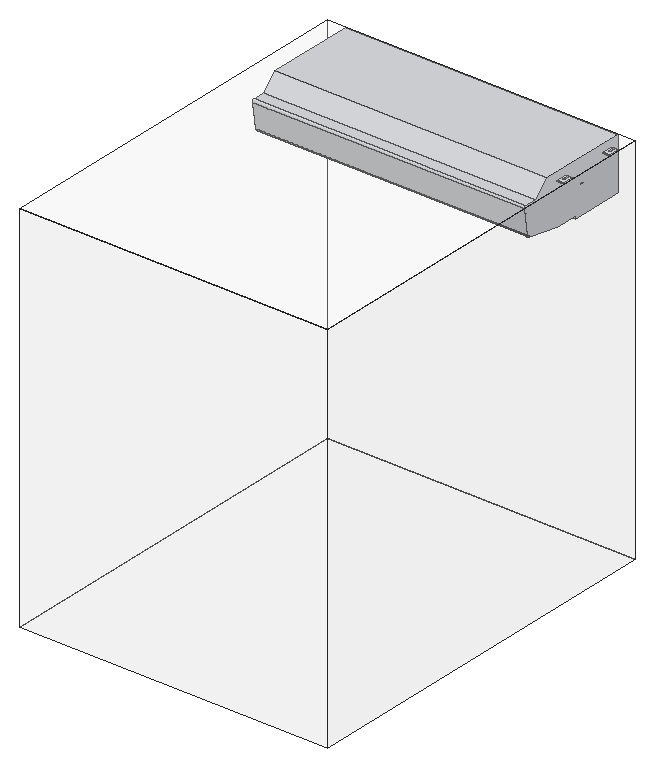
Revit family "pc-rp80_140ha18_60Hz", category 機械設備, Revit 2019
Family settings
  丸型コネクタ寸法 = 直径を使用
  パーツ タイプ = 標準
  OmniClass 番号 = 23.75.10.24.21.27.27
  OmniClass タイトル = Split System Air Conditioning Units
  作業面ベース = いいえ
  常に垂直 = はい
  ロード時にボイドで切り取り = いいえ
  共有 = いいえ
  部屋計算ポイント = はい
Parameters (values of type "厨房天吊_PC-RP140HA18")
  風量_強 (m3/min) = 38
  風量_弱 (m3/min) = 28
  風量 = MAX風量  # 2280.0 m³/h
  音響パワーレベル（弱）(dB) = 61
  音響パワーレベル(dB) = 68
  電源種別 = ""
  電源_H = 0 mm
  電圧_電気ヒーター = 0 V
  電圧 = 200 V
  電動機出力_送風機 = 0.16 kW
  運転質量 = 0.00 kg
  連動 = ""
  質量 = if(製品質量 > 運転質量, 製品質量, 運転質量) * 1.2  # 67.20 kg
  負荷分類 = 3_ファン類
  構成品番 = "PC-RP140HA18"
  冷媒液管位置 = 175 mm
  冷媒ガス管位置 = 197 mm
  ドレン管径 (外径) = 32 mm
  MIN風量 = [風量_弱 (m3/min)] * 60.0 m³/h  # 1680.0 m³/h
  MAX風量 = [風量_強 (m3/min)] * 60.0 m³/h  # 2280.0 m³/h
  サービススペース = yes
  ケーブルサイズ = 0 mm
  Version = ""
  URL = "https://www.mitsubishielectric.co.jp/ldg/wink/ssl/displayProduct.do?pid=323473"
  Line = not(Width = 1136 mm)  # yes
  説明 = "店舗・事務所用パッケージエアコン(Mr.SLIM) 厨房用(天吊形)"
  設計暖房能力 = 0.00 kW
  設計冷房能力_顕熱 = 0 kW
  設計冷房能力 = 0 kW
  設置方法 = "天井吊形"
  記号 = ""
  製造元 = "三菱電機株式会社"
  製品質量 = 56.00 kg
  製品出荷対象 = "国内"
  製品リリース年月 = "2022/10/11"
  製品グループ = ""
  系統 = ""
  符号 = "PAC_CRK"
  積算_科目 = "1 空気調和設備"
  積算_拾い区分 [instance] = ""
  相 = 1
  盤記号 = ""
  発停方法 = "付属スイッチ"
  特殊仕様 = ""
  火災停止 = ""
  消費電力_電気ヒーター = 0.00 kW
  消費電力_暖房 = 0.34 kW
  消費電力_加湿器 = 0.00 kW
  消費電力_冷房 = 0.34 kW
  消費電力 = if(消費電力_冷房 > 消費電力_暖房, 消費電力_冷房, 消費電力_暖房) + 消費電力_加湿器 + 消費電力_電気ヒーター  # 0.34 kW
  法定耐用年数 = "6"
  極数 = 1
  材質 = ""
  本体マテリアル = none
  有効加湿量 = 0
  暖房能力 = 14.00 kW
  推奨ブレーカー容量 = 0 A
  形式_加湿器 = ""
  形式 = "厨房用天井吊（露出）形"
  幹線記号 = ""
  始動方式 = "直入"
  呼称 = "室内機_厨房用天井吊（露出）形"
  周波数 = 60 Hz
  吊り位置Y = 320 mm
  吊り位置X = 1564 mm
  吊りボルト_H = 43 mm
  台数_手元リモコン = ""
  台数_冷媒分岐ユニット = ""
  参照している仕様書等のバージョン = "公共建築工事標準仕様書（機械設備工事編）平成31年度版"
  加湿給水管径 = 0.00 mm
  分類コード = "50053003123100"
  分類グループ = ""
  冷房能力 = 12.5 kW
  冷媒高低圧ガス管径 = 0.00 mm
  冷媒管径符号 = "Bd"
  冷媒管径 = 100.00 mm
  冷媒液管高さ = 165 mm
  冷媒液管径 = 9.52 mm
  冷媒ガス管高さ = 165 mm
  冷媒ガス管径 = 15.88 mm
  企業コード = "108420"
  付属品_フィルター = ""
  付属品 = ""
  仕様書バージョン = "Version1.0"
  Model = ""
  パネルマテリアル = none
  ドレン管高さ = 254 mm
  ドレン管径 = 25.00 mm
  コメント [instance] = ""
  ケーブル種類 = ""
  Width = 1520 mm
  Uniclass2015Version = "Systems v1.9"
  Uniclass2015Title = "Split coil remote air cooled condensing units"
  Uniclass2015Code = "Pr_70_65_03_84"
  SpecificationReference = ""
  SpecificationDescription = ""
  S_H = 295 mm
  Revision = ""
  ProductInformation = ""
  OmniClassCode = "23-33 17 13 11"
  IfcTypeProduct = ""
  IfcProduct = ""
  IfcExportType = "AIRCONDITIONINGUNIT"
  IfcExportAs = "IfcUnitaryEquipmentType"
  Height = 280 mm
  Depth = 650 mm
  価格 = 626000
  Clearance Top = 2 mm
  Clearance Right = 100 mm
  Clearance Left = 100 mm
  Clearance Front = 1500 mm
  Clearance Bottom = 1800 mm
  Clearance Back = 0 mm
  Author = "三菱電機株式会社"
Types (2, lengths in mm): name | 風量_強 (m3/min) | 風量_弱 (m3/min) | 風量 | 音響パワーレベル（弱）(dB) | 音響パワーレベル(dB) | 電動機出力_送風機 | 質量 | 構成品番 | MIN風量 | MAX風量 | URL | Line | 製品質量 | 消費電力_暖房 | 消費電力_冷房 | 消費電力 | 暖房能力 | 吊り位置X | 冷房能力 | Width | 価格
  厨房天吊_PC-RP140HA18 | 38 | 28 | 2280.0 m³/h | 61 | 68 | 0.16 kW | 67.20 kg | "PC-RP140HA18" | 1680.0 m³/h | 2280.0 m³/h | "https://www.mitsubishielectric.co.jp/ldg/wink/ssl/displayProduct.do?pid=323473" | yes | 56.00 kg | 0.34 kW | 0.34 kW | 0.34 kW | 14.00 kW | 1564 | 12.5 kW | 1520 | 626000
  厨房天吊_PC-RP80HA18 | 17 | 15 | 1020.0 m³/h | 55 | 57 | 0.04 kW | 50.40 kg | "PC-RP80HA18" | 900.0 m³/h | 1020.0 m³/h | "https://www.mitsubishielectric.co.jp/ldg/wink/ssl/displayProduct.do?pid=323472" | no | 42.00 kg | 0.14 kW | 0.14 kW | 0.14 kW | 8.00 kW | 1180 | 7.1 kW | 1136 | 508000
Reference planes
  plane 1 "中心(正面/背面)": y = 0
  plane 2: z = 0
  plane 3 "中心(左/右)": x = 0
  plane 4: x = 523
  plane 5: z = 3835
  plane 6: x = 438
  plane 7: z = 3835
  plane 8: x = 463
  plane 9: z = 3746
  plane 10: x = 860
  plane 11: x = 760
  plane 12: x = -860
  plane 13: x = -760
  plane 14: y = -650
  plane 15: z = -280
  plane 16: y = -2150
  plane 17: x = -782
  plane 18: x = 782
  plane 19: z = -2095
  plane 20: z = -295
  plane 21: x = 750.3
  plane 22: y = -80
  plane 23: y = -400
  plane 24: y = -325
  plane 25: y = -197
  plane 26: y = -175
  plane 27: y = -70
  plane 28: z = -43
  plane 29: z = -165
  plane 30: z = -254
  plane 31: x = 715
  plane 32: x = 630
  plane 33: x = 655
  plane 34: x = 463
  plane 35: z = 3746
  plane 36: z = 2
  plane 37: z = -95
  plane 38: z = -165
Forms (mm)
  Extrusion 1, solid
    sketch origin (0, -325, -4000) x (0, 1, 0) y (0, 0, 1)
      loop
        line (325, 4000) -> (-171.734, 4000) -> (-246.938, 3924.796) -> (-313.202, 3924.796)
        arc (-313.202, 3924.796) -> (-322.395, 3920.509) -> (-325.02, 3910.712) r 12
        line (-325.02, 3910.712) -> (-299.97, 3768.648)
        arc (-299.97, 3768.648) -> (-294.972, 3759.046) -> (-285.369, 3754.047) r 18
        line (-285.369, 3754.047) -> (-92.277, 3720) -> (35.069, 3720) -> (35.069, 3705) -> (325, 3705) -> (325, 4000)
    from -760 to 760
  Extrusion 2, solid, detail levels fine
    sketch origin (0, 0, 0) x (0, 0, -1) y (-1, 0, 0)
      loop
        circle (165.005, -715) r 7.94
    from -325 to -197
  Extrusion 3, solid, detail levels fine
    sketch origin (0, 0, 0) x (0, 0, -1) y (-1, 0, 0)
      loop
        circle (165.005, -630) r 4.76
    from -175 to -325
  Extrusion 4, solid, detail levels fine
    sketch origin (0, 0, 0) x (0, 0, -1) y (-1, 0, 0)
      loop
        circle (254.005, -655) r 16
    from -70 to -325
  Extrusion 5, solid, detail levels fine
    sketch origin (0, 0, -4000) x (1, 0, 0) y (0, 1, 0)
      loop
        line (760, -370) -> (760, -430) -> (804, -430) -> (804, -370) -> (787, -370) -> (787, -400)
        arc (787, -400) -> (782, -405) -> (777, -400) r 5
        line (777, -400) -> (777, -370) -> (760, -370)
    from 3954.5 to 3959.5
  Extrusion 6, solid, detail levels fine
    sketch origin (0, 320, -4000) x (1, 0, 0) y (0, 1, 0)
      loop
        line (760, -370) -> (760, -430) -> (804, -430) -> (804, -370) -> (787, -370) -> (787, -400)
        arc (787, -400) -> (782, -405) -> (777, -400) r 5
        line (777, -400) -> (777, -370) -> (760, -370)
    from 3954.5 to 3959.5
  Extrusion 7, solid, detail levels fine
    sketch origin (-1180, 0, -4000) x (1, 0, 0) y (0, 1, 0)
      loop
        line (376, -370) -> (376, -430) -> (420, -430) -> (420, -370) -> (403, -370) -> (403, -400)
        arc (403, -400) -> (398, -405) -> (393, -400) r 5
        line (393, -400) -> (393, -370) -> (376, -370)
    from 3954.5 to 3959.5
  Extrusion 8, solid, detail levels fine
    sketch origin (-1180, 320, -4000) x (1, 0, 0) y (0, 1, 0)
      loop
        line (376, -370) -> (376, -430) -> (420, -430) -> (420, -370) -> (403, -370) -> (403, -400)
        arc (403, -400) -> (398, -405) -> (393, -400) r 5
        line (393, -400) -> (393, -370) -> (376, -370)
    from 3954.5 to 3959.5
  Extrusion 9, solid, detail levels fine
    sketch origin (-3.482, 0, 0) x (1, 0, 0) y (0, 0, 1)
      loop
        circle (675.982, -165) r 50
    from 0 to 5
  Extrusion 10, solid, detail levels fine
    sketch origin (0, 160, 0) x (0, 0, -1) y (-1, 0, 0)
      loop
        circle (254.005, -655) r 16
    from -160 to -165
Lines and regions (mm)
  model lines, detail levels fine
    curve 1: line (-685, -647.647, -102.744) -> (-685, -628.546, -211.073)
    curve 2: line (685, -647.647, -102.744) -> (685, -628.546, -211.073)
    curve 3: line (-685, -647.647, -102.744) -> (685, -647.647, -102.744)
    curve 4: line (685, -628.546, -211.073) -> (-685, -628.546, -211.073)
Dimensions and locks
  equal spacing: plane 13, plane 3 "中心(左/右)", plane 11
  "Width": plane 13 to plane 11
  "Clearance Right": plane 11 to plane 10
  "Clearance Left": plane 12 to plane 13
  "Depth": plane 14 to plane 1 "中心(正面/背面)"
  "Height": level to plane 15
  "Clearance Front": plane 16 to plane 14
  equal spacing: plane 17, plane 3 "中心(左/右)", plane 18
  "吊り位置X": plane 17 to plane 18
  "S_H": level to plane 20
  locked: plane 21 to plane 11 at 9.7
  locked: plane 22 to plane 1 "中心(正面/背面)" at 80
  "吊り位置Y": plane 22 to plane 23
  plane 27 to plane 1 "中心(正面/背面)" = 70 mm
  "冷媒液管位置": plane 26 to plane 1 "中心(正面/背面)"  (x2)
  "冷媒ガス管位置": plane 25 to plane 1 "中心(正面/背面)"  (x2)
  plane 24 to plane 25 = 128 mm
  plane 24 to plane 26 = 150 mm
  "Clearance Bottom": plane 20 to plane 19
  "吊りボルト_H": level to plane 28
  level to plane 29 = 165 mm
  level to plane 30 = 254 mm
  plane 31 to plane 11 = 45 mm
  plane 32 to plane 31 = 85 mm
  plane 33 to plane 11 = 105 mm
  "Clearance Back": plane 1 "中心(正面/背面)" to nested 1
  equal spacing: plane 32, Extrusion 9 sketch curve, plane 31
  "Clearance Top": plane 36 to plane 2
  "冷媒ガス管高さ": plane 2 to plane 29
  "冷媒液管高さ": Extrusion 1 to plane 38
  "冷媒液管径": diameter of Extrusion 3 sketch curve
  "冷媒ガス管径": diameter of Extrusion 2 sketch curve
  "ドレン管径 (外径)": diameter of Extrusion 4 sketch curve
  "ドレン管径 (外径)": diameter of Extrusion 10 sketch curve
  aligned and locked: level to plane 2
  aligned and locked: plane 11 to Extrusion 1
  aligned and locked: plane 13 to Extrusion 1
  aligned and locked: plane 12 to nested 1
  aligned and locked: nested 1 to plane 10
  aligned and locked: plane 17 to nested 2
  aligned and locked: nested 2 to plane 18
  aligned and locked: plane 20 to Extrusion 1
  aligned and locked: plane 19 to nested 1
  aligned and locked: plane 21 to nested 3
  aligned and locked: nested 1 to plane 16
  aligned and locked: plane 22 to nested 2
  aligned and locked: plane 23 to nested 2
  aligned and locked: plane 1 "中心(正面/背面)" to nested 1
  aligned and locked: plane 36 to nested 1
Automatic sketch dimensions
  Extrusion 1 sketch curve to level = 0 mm
  Extrusion 1 sketch curve to plane 15 = 0 mm
  Extrusion 1 sketch curve to plane 20 = 0 mm
  Extrusion 1 sketch curve to plane 1 "中心(正面/背面)" = 0 mm
  plane 24 to Extrusion 1 sketch curve = 35.069 mm
  Extrusion 1 sketch curve to plane 23 = 17.277 mm
  Extrusion 1 sketch curve to plane 23 = 96.734 mm
  Extrusion 1 sketch curve to plane 28 = 32.204 mm
  plane 14 to Extrusion 1 sketch curve = 78.062 mm
  plane 14 to Extrusion 1 sketch curve = 42.756 mm
  plane 30 to Extrusion 1 sketch curve = 8.047 mm
  Extrusion 1 sketch curve to Extrusion 1 sketch curve = 3.126 mm
  Extrusion 1 sketch curve to Extrusion 1 sketch curve = 17.727 mm
  plane 14 to Extrusion 1 sketch curve = 11.798 mm
  Extrusion 1 sketch curve to plane 14 = 0.02 mm
  Extrusion 1 sketch curve to Extrusion 1 sketch curve = 14.601 mm
  Extrusion 1 sketch curve to Extrusion 1 sketch curve = 14.084 mm
  Extrusion 1 to curve 3 = 13.664 mm
  curve 2 to Extrusion 1 = 20.591 mm
  Extrusion 1 to curve 1 = 75 mm
  Extrusion 1 to curve 3 = 75 mm
  Extrusion 5 sketch curve to plane 11 = 0 mm
  Extrusion 5 sketch curve to plane 23 = 0 mm
  Extrusion 5 sketch curve to plane 18 = 0 mm
  Extrusion 5 sketch curve to Extrusion 5 sketch curve = 5 mm
  Extrusion 5 sketch curve to plane 18 = 22 mm
  Extrusion 5 sketch curve to plane 23 = 30 mm
  plane 23 to Extrusion 5 sketch curve = 30 mm
  Extrusion 5 sketch curve to Extrusion 5 sketch curve = 0 mm
  Extrusion 6 sketch curve to plane 11 = 0 mm
  Extrusion 6 sketch curve to plane 22 = 0 mm
  Extrusion 6 sketch curve to plane 18 = 0 mm
  Extrusion 6 sketch curve to Extrusion 6 sketch curve = 5 mm
  Extrusion 6 sketch curve to plane 18 = 22 mm
  Extrusion 6 sketch curve to plane 22 = 30 mm
  plane 27 to Extrusion 6 sketch curve = 20 mm
  Extrusion 6 sketch curve to Extrusion 6 sketch curve = 0 mm
  Extrusion 7 sketch curve to plane 23 = 0 mm
  Extrusion 7 sketch curve to plane 17 = 0 mm
  Extrusion 7 sketch curve to plane 13 = 0 mm
  Extrusion 7 sketch curve to plane 17 = 5 mm
  Extrusion 7 sketch curve to plane 17 = 22 mm
  Extrusion 7 sketch curve to plane 23 = 30 mm
  plane 23 to Extrusion 7 sketch curve = 30 mm
  Extrusion 7 sketch curve to Extrusion 7 sketch curve = 0 mm
  Extrusion 8 sketch curve to plane 22 = 0 mm
  Extrusion 8 sketch curve to plane 17 = 0 mm
  Extrusion 8 sketch curve to plane 13 = 0 mm
  Extrusion 8 sketch curve to plane 17 = 5 mm
  Extrusion 8 sketch curve to plane 17 = 22 mm
  Extrusion 8 sketch curve to plane 22 = 30 mm
  plane 27 to Extrusion 8 sketch curve = 20 mm
  Extrusion 8 sketch curve to Extrusion 8 sketch curve = 0 mm
  Extrusion 9 sketch curve to plane 29 = 0 mm
  Extrusion 1 to Extrusion 2 sketch curve = 45 mm
  Extrusion 2 sketch curve to Extrusion 1 = 129.995 mm
  Extrusion 3 sketch curve to Extrusion 1 = 129.995 mm
  Extrusion 1 to Extrusion 3 sketch curve = 130 mm
  Extrusion 4 sketch curve to Extrusion 1 = 40.995 mm
  Extrusion 1 to Extrusion 4 sketch curve = 105 mm
  plane 33 to Extrusion 10 sketch curve = 0 mm
  Extrusion 10 sketch curve to plane 30 = 0.005 mm
  radius of Extrusion 9 sketch curve = 50 mm
Nested families
  nested 1: "サービススペース" at (0, -1075, -1046.5), visible <- "サービススペース", type "サービススペース"
    with Width 1720 mm, Height 2097 mm, Depth 2150 mm
  nested 2: "固定点" at (-782, -400, 0), type "固定点"
    with W 1564 mm, D 320 mm
  nested 3: "吸込口" at (0, 0, -4000), Width <- "Width", type "吸込口"
    with Width 1520 mm, Line yes
Connectors
  piping at (672.5, 0, -165), diameter 100, driven by "冷媒管径", driven by "冷媒管径符号"
    settings: on Extrusion 9, index 1, connector inside diameter 609.60 mm, connector length 0 mm, flow factor 0, pipe flow 0.0 L/s, pressure drop 0.0 Pa, fitting loss kfactor 0, connector angle 0.00°, fixture units 0, engagement length 0 mm, angle of deflection 0.00°, flow configuration 1, flow direction 1, fitting loss method 4, system type 7, joint type 0, gender type 0, connector reference index -1, connector utility 0, adjustable connector no, is connector primary yes, connector description "Bd"
  piping at (655, 0, -254.005), diameter 32, driven by "ドレン管径 (外径)"
    settings: on Extrusion 10, index 2, connector inside diameter 609.60 mm, connector length 0 mm, flow factor 0, pipe flow 0.0 L/s, pressure drop 0.0 Pa, fitting loss kfactor 0, connector angle 0.00°, fixture units 0, engagement length 0 mm, angle of deflection 0.00°, flow configuration 1, flow direction 2, fitting loss method 4, system type 16, joint type 0, gender type 0, connector reference index -1, connector utility 0, adjustable connector no, is connector primary no, connector description ""
  electrical at (760, -417.216, -169.727), driven by "極数", driven by "負荷分類", driven by "電圧", driven by "消費電力"
    settings: on Extrusion 1, index 3, voltage 200 V, apparent load 340 VA, apparent load phase1 0 VA, apparent load phase2 0 VA, apparent load phase3 0 VA, power factor 1, load classification "3_ファン類", number of poles 1, system type 30, power factor state 1, is connector primary yes, connector utility no, sub classification motor no, connector description ""
Definition of nested family "サービススペース"
  Parameters (values of type "サービススペース")
    Width [instance] = 500 mm
    Height [instance] = 500 mm
    Depth [instance] = 500 mm
  Reference planes
    plane 1 "中心(正面/背面)": y = 0
    plane 2: z = 0
    plane 3 "中心(左/右)": x = 0
    plane 4: y = -250
    plane 5: x = 250
    plane 6: y = 250
    plane 7: x = -250
    plane 8: z = 250
    plane 9: z = -250
  Forms (mm)
    Extrusion 1, solid
      sketch origin (-638.939, 0, 72.39) x (1, 0, 0) y (0, 1, 0)
        loop
          line (388.939, 250) -> (388.939, -250) -> (888.939, -250) -> (888.939, 250) -> (388.939, 250)
      from -322.39 to 177.61
  Lines and regions (mm)
    symbolic lines
      curve 1: line (-250, 0, 250) -> (250, 0, 250)
      curve 2: line (-250, 0, -250) -> (-250, 0, 250)
      curve 3: line (250, 0, -250) -> (-250, 0, -250)
      curve 4: line (250, 0, 250) -> (250, 0, -250)
      curve 5: line (0, -250, 250) -> (0, 250, 250)
      curve 6: line (0, -250, -250) -> (0, -250, 250)
      curve 7: line (0, 250, -250) -> (0, -250, -250)
      curve 8: line (0, 250, 250) -> (0, 250, -250)
      curve 9: line (-250, 250, 0) -> (250, 250, 0)
      curve 10: line (-250, -250, 0) -> (-250, 250, 0)
      curve 11: line (250, -250, 0) -> (-250, -250, 0)
      curve 12: line (250, 250, 0) -> (250, -250, 0)
  Dimensions and locks
    equal spacing: plane 7, plane 3 "中心(左/右)", plane 5
    equal spacing: plane 4, plane 1 "中心(正面/背面)", plane 6
    "Depth": plane 4 to plane 6
    "Width": plane 7 to plane 5
    equal spacing: plane 8, plane 2, plane 9
    "Height": plane 8 to plane 9
    aligned and locked: plane 9 to curve 3
    aligned and locked: plane 7 to curve 2
    aligned and locked: curve 4 to plane 5
    aligned and locked: plane 5 to Extrusion 1
    aligned and locked: Extrusion 1 to plane 7
    aligned and locked: Extrusion 1 to plane 9
    aligned and locked: plane 8 to Extrusion 1
    aligned and locked: plane 9 to curve 7
  Automatic sketch dimensions
    plane 4 to Extrusion 1 sketch curve = 0 mm
    Extrusion 1 sketch curve to plane 7 = 0 mm
    Extrusion 1 sketch curve to plane 5 = 0 mm
    plane 6 to Extrusion 1 sketch curve = 0 mm
    curve 2 to plane 8 = 0 mm
    plane 4 to curve 11 = 0 mm
    curve 11 to plane 7 = 0 mm
    curve 11 to plane 5 = 0 mm
    plane 6 to curve 10 = 0 mm
    curve 7 to plane 4 = 0 mm
    curve 7 to plane 6 = 0 mm
    curve 6 to plane 8 = 0 mm
Definition of nested family "固定点"
  Parameters (values of type "固定点")
    中心円 = 20 mm
    W [instance] = 1000 mm
    D [instance] = 1000 mm
  Reference planes
    plane 1 "中心(正面/背面)": y = 0
    plane 2: z = 0
    plane 3 "中心(左/右)": x = 0
    plane 4: x = 1000
    plane 5: y = 1000
  Lines and regions (mm)
    symbolic lines, detail levels fine
      curve 1: circle (0, 1000, 0) r 10 normal (0, 0, 1)
      curve 2: circle (0, 0, 0) r 10 normal (0, 0, 1)
      curve 3: circle (1000, 1000, 0) r 10 normal (0, 0, 1)
      curve 4: circle (1000, 0, 0) r 10 normal (0, 0, 1)
      curve 5: line (-200, 1000, 0) -> (1200, 1000, 0)
      curve 6: line (-200, 0, 0) -> (1200, 0, 0)
      curve 7: line (0, 1200, 0) -> (0, -200, 0)
      curve 8: line (1000, 1200, 0) -> (1000, -200, 0)
  Dimensions and locks
    "W": plane 3 "中心(左/右)" to plane 4
    "D": plane 1 "中心(正面/背面)" to plane 5
    "中心円": diameter of curve 1
    "中心円": diameter of curve 2
    "中心円": diameter of curve 3
    "中心円": diameter of curve 4
    aligned and locked: level to plane 2
    aligned and locked: plane 5 to curve 1
    aligned and locked: plane 3 "中心(左/右)" to curve 1
    aligned and locked: plane 3 "中心(左/右)" to curve 2
    aligned and locked: plane 1 "中心(正面/背面)" to curve 2
    aligned and locked: plane 4 to curve 3
    aligned and locked: plane 5 to curve 3
    aligned and locked: plane 1 "中心(正面/背面)" to curve 4
    aligned and locked: plane 4 to curve 4
    aligned and locked: plane 1 "中心(正面/背面)" to curve 6
    aligned and locked: curve 7 to plane 3 "中心(左/右)"
    aligned and locked: curve 8 to plane 4
  Automatic sketch dimensions
    curve 5 to plane 5 = 0 mm
    curve 6 to plane 3 "中心(左/右)" = 200 mm
    curve 5 to plane 3 "中心(左/右)" = 200 mm
    curve 4 to curve 6 = 200 mm
    curve 3 to curve 5 = 200 mm
    plane 1 "中心(正面/背面)" to curve 8 = 200 mm
    plane 1 "中心(正面/背面)" to curve 7 = 200 mm
    curve 3 to curve 8 = 200 mm
    curve 1 to curve 7 = 200 mm
Definition of nested family "吸込口"
  Parameters (values of type "吸込口")
    Width [instance] = 1136 mm
    Line [instance] = not(Width = 1136 mm)  # no
  Reference planes
    plane 1 "Center (Front/Back)": y = 0
    plane 2: z = 0
    plane 3 "Center (Left/Right)": x = 0
  Lines and regions (mm)
    model lines, visible <- "Line", detail levels fine
      curve 1: line (-376.3, -289.931, 3705) -> (-376.3, 0, 3705)
      curve 12: line (-391.3, 0, 3705) -> (-391.3, -289.931, 3705)
      curve 13: line (-750.3, -274.931, 3705) -> (-750.3, -15, 3705)
      curve 14: line (-401.3, -15, 3705) -> (-401.3, -274.931, 3705)
      curve 15: line (-750.3, -15, 3705) -> (-401.3, -15, 3705)
      curve 16: line (-401.3, -274.931, 3705) -> (-750.3, -274.931, 3705)
      curve 17: line (-750.3, -54.429, 3705) -> (-595.903, -274.931, 3705)
      curve 18: line (-401.3, -55, 3705) -> (-555.297, -274.931, 3705)
      curve 19: line (-750.3, -235.571, 3705) -> (-595.854, -15, 3705)
      curve 20: line (-401.3, -235, 3705) -> (-555.346, -15, 3705)
      curve 21: line (-750.3, -274.931, 3705) -> (-750.3, -15, 3705)
      curve 40: line (750.3, -274.931, 3705) -> (750.3, -15, 3705)
    model lines, detail levels fine
      curve 2: line (-7.7, 0, 3705) -> (-7.7, -289.931, 3705)
      curve 3: line (-366.3, -274.931, 3705) -> (-366.3, -15, 3705)
      curve 4: line (-17.7, -15, 3705) -> (-17.7, -274.931, 3705)
      curve 5: line (-366.3, -15, 3705) -> (-17.7, -15, 3705)
      curve 6: line (-17.7, -274.931, 3705) -> (-366.3, -274.931, 3705)
      curve 7: line (-366.3, -55, 3705) -> (-212.303, -274.931, 3705)
      curve 8: line (-17.7, -55, 3705) -> (-171.697, -274.931, 3705)
      curve 9: line (-366.3, -235, 3705) -> (-212.254, -15, 3705)
      curve 10: line (-17.7, -235, 3705) -> (-171.746, -15, 3705)
      curve 11: line (7.3, -289.931, 3705) -> (7.3, 0, 3705)
      curve 22: line (376.3, -289.931, 3705) -> (376.3, 0, 3705)
      curve 23: line (366.3, -274.931, 3705) -> (366.3, -15, 3705)
      curve 24: line (17.7, -15, 3705) -> (17.7, -274.931, 3705)
      curve 25: line (366.3, -15, 3705) -> (17.7, -15, 3705)
      curve 26: line (17.7, -274.931, 3705) -> (366.3, -274.931, 3705)
      curve 27: line (366.3, -55, 3705) -> (212.303, -274.931, 3705)
      curve 28: line (17.7, -55, 3705) -> (171.697, -274.931, 3705)
      curve 29: line (366.3, -235, 3705) -> (212.254, -15, 3705)
      curve 30: line (17.7, -235, 3705) -> (171.746, -15, 3705)
      curve 31: line (391.3, 0, 3705) -> (391.3, -289.931, 3705)
      curve 32: line (750.3, -274.931, 3705) -> (750.3, -15, 3705)
      curve 33: line (401.3, -15, 3705) -> (401.3, -274.931, 3705)
      curve 34: line (750.3, -15, 3705) -> (401.3, -15, 3705)
      curve 35: line (401.3, -274.931, 3705) -> (750.3, -274.931, 3705)
      curve 36: line (750.3, -54.429, 3705) -> (595.903, -274.931, 3705)
      curve 37: line (401.3, -55, 3705) -> (555.297, -274.931, 3705)
      curve 38: line (750.3, -235.571, 3705) -> (595.854, -15, 3705)
      curve 39: line (401.3, -235, 3705) -> (555.346, -15, 3705)
  Dimensions and locks
    aligned and locked: level to plane 2
